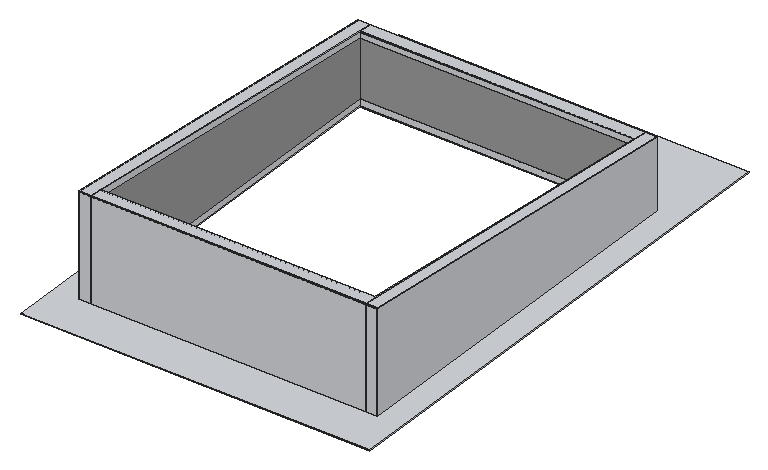
Revit family "UMB-4", category Mechanical Equipment, Revit 2015
Parameters
  URL = "https://unitedenertech.com/catalog/pdf/M_27%20UMB-4.pdf"
  Type Comments = "Consult Factory for Max. Sizes"
  Roof Slope (Degrees) = 5.00°
  Model = "UMB-4"
  Manufacturer = "United Enertech Corporation"
  Keynote = "Curb Ships with Loose Rib Closures (Downhill)"
  Height = 0' - 8"
  Description = "Metal Building Roof Curb"
  B Side O.D. = 3' - 6"
  A Side O.D. = 3' - 0"
Reference planes (in)
  plane 1 "Center (Front/Back)": y = 0
  plane 2: z = 0
  plane 3 "Center (Left/Right)": x = 0
  plane 4: y = -21
  plane 5: y = -42
  plane 6: y = -40.5
  plane 7: y = -1.5
  plane 8: y = -0.0478
  plane 9: y = -1.4522
  plane 10: y = -41.9522
  plane 11: y = -40.5478
  plane 12: y = -47
  plane 13: y = 5
  plane 14: y = 10
  plane 15: x = -18
  plane 16: x = 18
  plane 17: x = -16.5
  plane 18: x = 16.5
  plane 19: x = -17.9522
  plane 20: x = -16.5478
  plane 21: x = 17.9522
  plane 22: x = 16.5478
  plane 23: x = -21
  plane 24: x = 21
  plane 25: z = 8
  plane 26: z = 4
  plane 27: z = 0.0478
  plane 28: z = 0.7978
  plane 29: z = 7.9522
  plane 30: z = 7.2022
Forms (in)
  Extrusion 1, solid
    sketch origin (0, 0, 0) x (0, 1, 0) y (0, 0, 1)
      loop
        line (10, 0.87489) -> (10, 0.92269) -> (-47, -4.06417) -> (-47, -4.11197) -> (10, 0.87489)
    from -21 to 21
  Extrusion 2, void
    sketch origin (0, 0, 0) x (1, 0, 0) y (0, 1, 0)
      loop
        line (-16.5, -40.5) -> (16.5, -40.5) -> (16.5, -1.5) -> (-16.5, -1.5) -> (-16.5, -40.5)
    from -4301.0808 to 6540.31748
  Extrusion 3, solid
    sketch origin (0, 0, 0) x (1, 0, 0) y (0, 1, 0)
      loop
        line (-18, -42) -> (18, -42) -> (18, 0) -> (-18, 0) -> (-18, -42)
      loop
        line (-16.5, -40.5) -> (16.5, -40.5) -> (16.5, -1.5) -> (-16.5, -1.5) -> (-16.5, -40.5)
    from 7.9522 to 8
  Extrusion 4, solid
    sketch origin (0, 0, 0) x (1, 0, 0) y (0, 1, 0)
      loop
        line (-16.5478, -40.5478) -> (16.5478, -40.5478) -> (16.5478, -1.4522) -> (-16.5478, -1.4522) -> (-16.5478, -40.5478)
      loop
        line (-16.5, -40.5) -> (16.5, -40.5) -> (16.5, -1.5) -> (-16.5, -1.5) -> (-16.5, -40.5)
    from 7.2022 to 7.9522
  Extrusion 5, solid
    sketch origin (0, 0, 0) x (0, 1, 0) y (0, 0, 1)
      loop
        line (-1.4522, -0.07925) -> (-1.4522, 0.67075) -> (-1.5, 0.66657) -> (-1.5, -0.08343) -> (-1.4522, -0.07925)
    from -16.5 to 16.5
  Extrusion 6, solid
    sketch origin (0, 0, 0) x (0, 1, 0) y (0, 0, 1)
      loop
        line (-40.5, -2.74549) -> (-40.5478, -2.74967) -> (-40.5478, -3.49967) -> (-40.5, -3.49549) -> (-40.5, -2.74549)
    from -16.5 to 16.5
  Extrusion 7, solid
    sketch origin (0, 0, 0) x (0, 1, 0) y (0, 0, 1)
      loop
        line (-1.4522, 0.67075) -> (-40.5478, -2.74967) -> (-40.5478, -3.49967) -> (-1.4522, -0.07925) -> (-1.4522, 0.67075)
    from -16.5478 to -16.5
  Extrusion 8, solid
    sketch origin (0, 0, 0) x (0, 1, 0) y (0, 0, 1)
      loop
        line (-1.4522, 0.67075) -> (-40.5478, -2.74967) -> (-40.5478, -3.49967) -> (-1.4522, -0.07925) -> (-1.4522, 0.67075)
    from 16.5478 to 16.5
  Extrusion 9, solid
    sketch origin (0, 0, 0) x (0, 1, 0) y (0, 0, 1)
      loop
        line (0, 0.0478) -> (0, 7.9522) -> (-0.0478, 7.9522) -> (-0.0478, 0.04362) -> (0, 0.0478)
    from -17.9522 to 17.9522
  Extrusion 10, solid
    sketch origin (0, 0, 0) x (0, 1, 0) y (0, 0, 1)
      loop
        line (-41.9522, 7.9522) -> (-42, 7.9522) -> (-42, -3.62672) -> (-41.9522, -3.62254) -> (-41.9522, 7.9522)
    from -17.9522 to 17.9522
  Extrusion 11, solid, material "Rigid insulation"
    sketch origin (0, 0, 0) x (0, 1, 0) y (0, 0, 1)
      loop
        line (-0.0478, 7.9522) -> (-1.4522, 7.9522) -> (-1.4522, -0.07925) -> (-0.0478, 0.04362) -> (-0.0478, 7.9522)
    from -16.5478 to 16.5478
  Extrusion 12, solid, material "Rigid insulation"
    sketch origin (0, 0, 0) x (0, 1, 0) y (0, 0, 1)
      loop
        line (-40.5478, -3.49967) -> (-40.5478, 7.9522) -> (-41.9522, 7.9522) -> (-41.9522, -3.62254) -> (-40.5478, -3.49967)
    from -16.5478 to 16.5478
  Extrusion 13, solid
    sketch origin (0, 0, 0) x (0, 1, 0) y (0, 0, 1)
      loop
        line (0, 7.9522) -> (-42, 7.9522) -> (-42, -3.62672) -> (0, 0.0478) -> (0, 7.9522)
    from 18 to 17.9522
  Extrusion 14, solid, material "Rigid insulation"
    sketch origin (0, 0, 0) x (0, 1, 0) y (0, 0, 1)
      loop
        line (-0.0478, 7.9522) -> (-41.9522, 7.9522) -> (-41.9522, -3.62254) -> (-0.0478, 0.04362) -> (-0.0478, 7.9522)
    from 17.9522 to 16.5478
  Extrusion 15, solid, material "Rigid insulation"
    sketch origin (0, 0, 0) x (0, 1, 0) y (0, 0, 1)
      loop
        line (-0.0478, 0.04362) -> (-0.0478, 7.9522) -> (-41.9522, 7.9522) -> (-41.9522, -3.62254) -> (-0.0478, 0.04362)
    from -17.9522 to -16.5478
  Extrusion 16, solid
    sketch origin (0, 0, 0) x (0, 1, 0) y (0, 0, 1)
      loop
        line (0, 7.9522) -> (-42, 7.9522) -> (-42, -3.62672) -> (0, 0.0478) -> (0, 7.9522)
    from -18 to -17.9522
  Blend 17, solid
    base sketch origin (0, 0, 0) x (1, 0, 0) y (0, 1, 0)
      loop
        line (-18, 0) -> (18, 0) -> (0, 5) -> (-18, 0)
    top sketch origin (0, 0, 0) x (1, 0, 0) y (0, 1, 0)
      loop
        line (0, 0) -> (0.125, 0) -> (0, 0.03349) -> (-0.125, 0) -> (0, 0)
    from 0 to 4
  Extrusion 18, void
    sketch origin (0, 0, 0) x (0, 1, 0) y (0, 0, 1)
      loop
        line (10, 0.92269) -> (-1.4522, -0.07925) -> (-1.4522, -21.52503) -> (10, -21.52503) -> (10, 0.92269)
    from -21 to 21
Cuts and joins
  Extrusion 2 cuts Extrusion 1
  Extrusion 18 cuts Blend 17
Lines and regions (in)
  reference lines
    curve 1: line (0, 0, 0) -> (0, -128.50912, -11.24309)
    curve 2: line (0, 0, 0.0478) -> (0, -117.55097, -10.23658)
    curve 3: line (0, 0, 0.7978) -> (0, -116.80383, -9.42121)
Dimensions and locks (in)
  equal spacing: plane 1 "Center (Front/Back)", plane 4, plane 5
  "B Side O.D.": plane 1 "Center (Front/Back)" to plane 5
  locked: plane 1 "Center (Front/Back)" to plane 7 at 1.5
  locked: plane 5 to plane 6 at 1.5
  locked: plane 1 "Center (Front/Back)" to plane 8 at 0.0478
  locked: plane 9 to plane 7 at 0.0478
  locked: plane 6 to plane 11 at 0.0478
  locked: plane 10 to plane 5 at 0.0478
  locked: plane 5 to plane 12 at 5
  locked: plane 1 "Center (Front/Back)" to plane 13 at 5
  locked: plane 1 "Center (Front/Back)" to plane 14 at 10
  equal spacing: plane 15, plane 3 "Center (Left/Right)", plane 16
  "A Side O.D.": plane 15 to plane 16
  locked: plane 15 to plane 17 at 1.5
  locked: plane 18 to plane 16 at 1.5
  locked: plane 15 to plane 19 at 0.0478
  locked: plane 20 to plane 17 at 0.0478
  locked: plane 18 to plane 22 at 0.0478
  locked: plane 21 to plane 16 at 0.0478
  locked: plane 23 to plane 15 at 3
  locked: plane 16 to plane 24 at 3
  locked: plane 26 to level at 4
  "Height": plane 25 to level
  locked: plane 27 to level at 0.0478
  locked: plane 28 to plane 27 at 0.75
  locked: plane 25 to plane 29 at 0.0478
  locked: plane 29 to plane 30 at 0.75
  "Roof Slope (Degrees)": angle curve 1 to level
  "Roof Slope (Degrees)": angle curve 2 to plane 27
  "Roof Slope (Degrees)": angle curve 3 to plane 28
  aligned and locked: level to plane 2
  aligned and locked: plane 1 "Center (Front/Back)" to curve 1
  aligned and locked: level to curve 1
  aligned and locked: plane 1 "Center (Front/Back)" to curve 2
  aligned and locked: plane 1 "Center (Front/Back)" to curve 3
  aligned and locked: plane 28 to curve 3
  aligned and locked: plane 27 to curve 2
  aligned and locked: Extrusion 1 sketch curve to plane 14
  aligned and locked: Extrusion 1 sketch curve to plane 12
  aligned and locked: Extrusion 1 sketch curve to curve 1
  aligned and locked: Extrusion 1 sketch curve to curve 2
  aligned and locked: Extrusion 1 to plane 23
  aligned and locked: Extrusion 1 to plane 24
  aligned and locked: Extrusion 2 sketch curve to plane 17
  aligned and locked: plane 7 to Extrusion 2 sketch curve
  aligned and locked: Extrusion 2 sketch curve to plane 18
  aligned and locked: plane 6 to Extrusion 2 sketch curve
  aligned and locked: Extrusion 3 sketch curve to plane 15
  aligned and locked: Extrusion 3 sketch curve to plane 1 "Center (Front/Back)"
  aligned and locked: Extrusion 3 sketch curve to plane 16
  aligned and locked: Extrusion 3 sketch curve to plane 5
  aligned and locked: plane 6 to Extrusion 3 sketch curve
  aligned and locked: Extrusion 3 sketch curve to plane 17
  aligned and locked: Extrusion 3 sketch curve to plane 18
  aligned and locked: plane 7 to Extrusion 3 sketch curve
  aligned and locked: plane 25 to Extrusion 3
  aligned and locked: Extrusion 3 to plane 29
  aligned and locked: plane 20 to Extrusion 4 sketch curve
  aligned and locked: Extrusion 4 sketch curve to plane 9
  aligned and locked: plane 22 to Extrusion 4 sketch curve
  aligned and locked: Extrusion 4 sketch curve to plane 11
  aligned and locked: plane 6 to Extrusion 4 sketch curve
  aligned and locked: Extrusion 4 sketch curve to plane 18
  aligned and locked: Extrusion 4 sketch curve to plane 17
  aligned and locked: plane 7 to Extrusion 4 sketch curve
  aligned and locked: plane 29 to Extrusion 4
  aligned and locked: Extrusion 4 to plane 30
  aligned and locked: curve 3 to Extrusion 5 sketch curve
  aligned and locked: cut or joined group of Extrusion 1, Extrusion 2 to Extrusion 5 sketch curve
  aligned and locked: plane 9 to Extrusion 5 sketch curve
  aligned and locked: plane 7 to Extrusion 5 sketch curve
  aligned and locked: Extrusion 5 to plane 17
  aligned and locked: Extrusion 5 to plane 18
  aligned and locked: curve 3 to Extrusion 6 sketch curve
  aligned and locked: cut or joined group of Extrusion 1, Extrusion 2 to Extrusion 6 sketch curve
  aligned and locked: plane 11 to Extrusion 6 sketch curve
  aligned and locked: plane 6 to Extrusion 6 sketch curve
  aligned and locked: Extrusion 6 to plane 18
  aligned and locked: Extrusion 6 to plane 17
  aligned and locked: Extrusion 7 sketch curve to plane 9
  aligned and locked: Extrusion 7 sketch curve to curve 3
  aligned and locked: Extrusion 7 sketch curve to cut or joined group of Extrusion 1, Extrusion 2
  aligned and locked: plane 20 to Extrusion 7
  aligned and locked: plane 17 to Extrusion 7
  aligned and locked: Extrusion 7 sketch curve to plane 11
  aligned and locked: Extrusion 8 sketch curve to plane 9
  aligned and locked: Extrusion 8 sketch curve to curve 3
  aligned and locked: curve 2 to Extrusion 8 sketch curve
  aligned and locked: Extrusion 8 sketch curve to plane 11
  aligned and locked: plane 22 to Extrusion 8
  aligned and locked: plane 18 to Extrusion 8
  aligned and locked: Extrusion 9 sketch curve to plane 29
  aligned and locked: plane 1 "Center (Front/Back)" to Extrusion 9 sketch curve
  aligned and locked: Extrusion 9 sketch curve to curve 2
  aligned and locked: plane 8 to Extrusion 9 sketch curve
  aligned and locked: Extrusion 9 to plane 19
  aligned and locked: Extrusion 9 to plane 21
  aligned and locked: plane 29 to Extrusion 10 sketch curve
  aligned and locked: Extrusion 10 sketch curve to plane 5
  aligned and locked: Extrusion 10 sketch curve to cut or joined group of Extrusion 1, Extrusion 2
  aligned and locked: Extrusion 10 sketch curve to plane 10
  aligned and locked: Extrusion 10 to plane 21
  aligned and locked: Extrusion 10 to plane 19
  aligned and locked: plane 29 to Extrusion 11 sketch curve
  aligned and locked: plane 8 to Extrusion 11 sketch curve
  aligned and locked: plane 9 to Extrusion 11 sketch curve
  aligned and locked: Extrusion 11 sketch curve to cut or joined group of Extrusion 1, Extrusion 2
  aligned and locked: plane 20 to Extrusion 11
  aligned and locked: plane 22 to Extrusion 11
  aligned and locked: Extrusion 12 sketch curve to plane 29
  aligned and locked: Extrusion 12 sketch curve to plane 10
  aligned and locked: Extrusion 12 sketch curve to plane 11
  aligned and locked: cut or joined group of Extrusion 1, Extrusion 2 to Extrusion 12 sketch curve
  aligned and locked: plane 20 to Extrusion 12
  aligned and locked: plane 22 to Extrusion 12
  aligned and locked: plane 29 to Extrusion 13 sketch curve
  aligned and locked: Extrusion 13 sketch curve to plane 1 "Center (Front/Back)"
  aligned and locked: Extrusion 13 sketch curve to plane 5
  aligned and locked: Extrusion 13 sketch curve to cut or joined group of Extrusion 1, Extrusion 2
  aligned and locked: Extrusion 13 to plane 16
  aligned and locked: plane 21 to Extrusion 13
  aligned and locked: plane 29 to Extrusion 14 sketch curve
  aligned and locked: plane 8 to Extrusion 14 sketch curve
  aligned and locked: plane 10 to Extrusion 14 sketch curve
  aligned and locked: Extrusion 14 sketch curve to cut or joined group of Extrusion 1, Extrusion 2
  aligned and locked: Extrusion 14 to plane 21
  aligned and locked: Extrusion 14 to plane 22
  aligned and locked: Extrusion 15 sketch curve to plane 29
  aligned and locked: Extrusion 15 sketch curve to plane 8
  aligned and locked: Extrusion 15 sketch curve to plane 10
  aligned and locked: cut or joined group of Extrusion 1, Extrusion 2 to Extrusion 15 sketch curve
  aligned and locked: Extrusion 15 to plane 19
  aligned and locked: Extrusion 15 to plane 20
  aligned and locked: plane 29 to Extrusion 16 sketch curve
  aligned and locked: Extrusion 16 sketch curve to plane 1 "Center (Front/Back)"
  aligned and locked: Extrusion 16 sketch curve to plane 5
  aligned and locked: Extrusion 16 sketch curve to cut or joined group of Extrusion 1, Extrusion 2
  aligned and locked: plane 19 to Extrusion 16
  aligned and locked: Extrusion 16 to plane 15
  aligned and locked: Blend 17 sketch curve to plane 1 "Center (Front/Back)"
  aligned and locked: plane 15 to Blend 17 sketch curve
  aligned and locked: plane 13 to Blend 17 sketch curve
  aligned and locked: plane 3 "Center (Left/Right)" to Blend 17 sketch curve
  aligned and locked: plane 16 to Blend 17 sketch curve
  aligned and locked: plane 26 to Blend 17
  aligned and locked: Blend 17 to level
  aligned and locked: Extrusion 18 to plane 23
  aligned and locked: Extrusion 18 to plane 24
  aligned and locked: cut or joined group of Extrusion 1, Extrusion 2 to Extrusion 18 sketch curve
Automatic sketch dimensions
  plane 1 "Center (Front/Back)" to Blend 17 sketch curve = 0' - 0"
  Blend 17 sketch curve to plane 3 "Center (Left/Right)" = 0' - 0"  (x2)
  Blend 17 sketch curve to Blend 17 sketch curve = 0' - 0 1/8"
  plane 3 "Center (Left/Right)" to Blend 17 sketch curve = 0' - 0 1/8"
  Blend 17 sketch curve to Blend 17 sketch curve = 0' - 0.03349"
  Extrusion 18 sketch curve to plane 9 = 0' - 0"
  Extrusion 18 sketch curve to plane 14 = 0' - 0"
  Extrusion 18 sketch curve to level = 1' - 9.52503"
